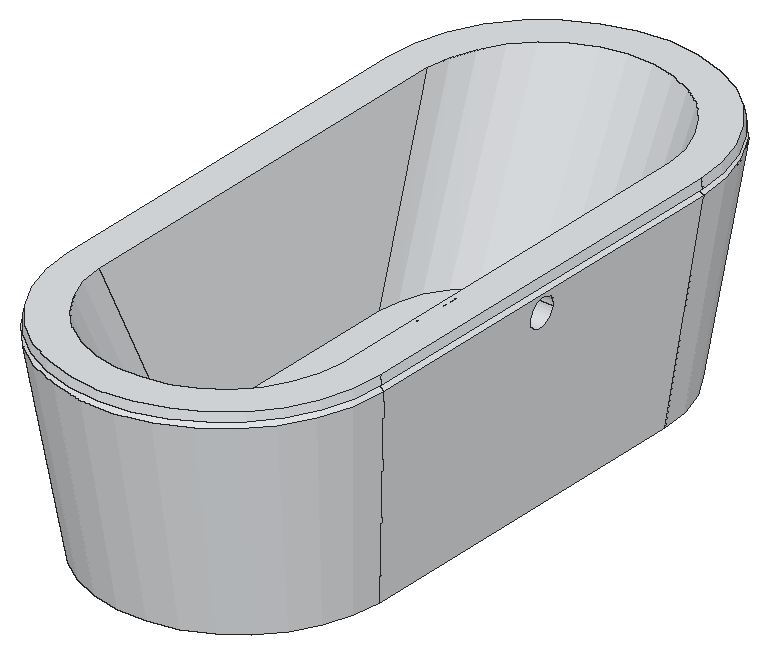
Revit family "Banheira básica", category Plumbing Fixtures, host Face, Revit 2016
Family settings
  Host = Face
  Part Type = Normal
  Round Connector Dimension = Use Radius
  OmniClass Number = 23.45.05.14.21
  OmniClass Title = Bathtubs
  Cut with Voids When Loaded = No
  Shared = No
  Room Calculation Point = No
Parameters (values of type "Banheira")
  Waste Connection Radius = Waste Connection NPT / 2  # 1 1/2"
  Waste Connection NPT = 3"
  Waste Connection = yes
  WFU = 0
  Vent Connection = yes
  URL = "http://www.totousa.com"
  Skirt Material = Plastic - TOTO - 01 Cotton
  Shipping Weight = 390.00 lbf
  Series = "Nexus"  # constant formula
  Product URL = "http://www.totousa.com/Default.aspx?TabId=75&ProductId=0f62a304-6f03-4786-b3a1-ed82694f167b&SearchId=2b23fb16-8c35-4b42-bd24-70517483f004&PTab=2&STab=0"
  Nominal Width = 75 cm  # constant formula
  Nominal Length = 170 cm  # constant formula
  Nominal Height = 53.66 cm  # constant formula
  Model = "FBF794S#01D"  # constant formula
  Manufacturer = "TOTO"  # constant formula
  HWFU = 0
  HW Connection = no
  Finish = Metal - TOTO - Enameled - 01 Cotton
  Description = "Cast Iron Bathtub"
  Default Elevation = 0 cm
  CWFU = 0
  CW Connection = no
  CADworks URL = "http://www.CADworks.net"
  Assembly Code = "D2010510"
Reference planes (cm)
  plane 1 "Center (Front/Back)": y = 0
  plane 2: z = 0
  plane 3 "Center (Left/Right)": x = 0
  plane 4: x = -37.5
  plane 5: x = 37.5
  plane 6: y = 85
  plane 7 "Wall Closure": y = -85
  plane 8: z = 53.66
  plane 9: z = 1.5
  plane 10: z = 51.66
  plane 11: z = 50.4
  plane 12: z = 11.16
  plane 13: z = 0.9
  plane 14: z = 10.66
  plane 15: z = 46.16
Forms (cm)
  Blend 1, solid, material "Metal - TOTO - Enameled - 01 Cotton" <- "Finish"
    base sketch origin (-126.8557, -457.2, 51.66) x (-1, 0, 0) y (0, -1, 0)
      loop
        arc (-89.3557, -409.7) -> (-126.8557, -372.2) -> (-164.3557, -409.7) r 37.5
        line (-164.3557, -409.7) -> (-164.3557, -504.7)
        arc (-164.3557, -504.7) -> (-126.8557, -542.2) -> (-89.3557, -504.7) r 37.5
        line (-89.3557, -504.7) -> (-89.3557, -409.7)
    top sketch origin (-126.8557, -457.2, 51.66) x (-1, 0, 0) y (0, -1, 0)
      loop
        arc (-163.9557, -504.7) -> (-126.8557, -541.8) -> (-89.7557, -504.7) r 37.1
        line (-89.7557, -504.7) -> (-89.7557, -409.7)
        arc (-89.7557, -409.7) -> (-126.8557, -372.6) -> (-163.9557, -409.7) r 37.1
        line (-163.9557, -409.7) -> (-163.9557, -504.7)
    from 0 to 2
  Blend 2, solid, material "Metal - TOTO - Enameled - 01 Cotton" <- "Finish"
    base sketch origin (-126.8557, -457.2, 50.4) x (-1, 0, 0) y (0, -1, 0)
      loop
        line (-89.0557, -504.7) -> (-89.0557, -409.7)
        arc (-89.0557, -409.7) -> (-126.8557, -371.9) -> (-164.6557, -409.7) r 37.8
        line (-164.6557, -409.7) -> (-164.6557, -504.7)
        arc (-164.6557, -504.7) -> (-126.8557, -542.5) -> (-89.0557, -504.7) r 37.8
    top sketch origin (-126.8557, -457.2, 50.4) x (-1, 0, 0) y (0, -1, 0)
      loop
        arc (-163.0657, -504.7) -> (-126.8557, -540.91) -> (-90.6457, -504.7) r 36.21
        line (-90.6457, -504.7) -> (-90.6457, -409.7)
        arc (-90.6457, -409.7) -> (-126.8557, -373.49) -> (-163.0657, -409.7) r 36.21
        line (-163.0657, -409.7) -> (-163.0657, -504.7)
    from 0 to 1.26
  Blend 3, solid, material "Metal - TOTO - Enameled - 01 Cotton" <- "Finish"
    base sketch origin (-126.8557, -457.2, 1.5) x (-1, 0, 0) y (0, -1, 0)
      loop
        line (-94.1557, -499.4) -> (-94.1557, -415)
        arc (-94.1557, -415) -> (-126.8557, -382.3) -> (-159.5557, -415) r 32.7
        line (-159.5557, -415) -> (-159.5557, -499.4)
        arc (-159.5557, -499.4) -> (-126.8557, -532.1) -> (-94.1557, -499.4) r 32.7
    top sketch origin (-126.8557, -457.2, 1.5) x (-1, 0, 0) y (0, -1, 0)
      loop
        line (-89.0557, -504.7) -> (-89.0557, -409.7)
        arc (-89.0557, -409.7) -> (-126.8557, -371.9) -> (-164.6557, -409.7) r 37.8
        line (-164.6557, -409.7) -> (-164.6557, -504.7)
        arc (-164.6557, -504.7) -> (-126.8557, -542.5) -> (-89.0557, -504.7) r 37.8
    from 0 to 48.9
  Blend 4, void
    base sketch origin (-126.8557, -457.2, 11.16) x (0, -1, 0) y (1, 0, 0)
      loop
        arc (-487.42, 101.3057) -> (-457.2, 100.8657) -> (-426.98, 101.3057) r 1038.0023
        arc (-426.98, 101.3057) -> (-402.1633, 126.8557) -> (-426.98, 152.4057) r 25.5608
        arc (-426.98, 152.4057) -> (-457.2, 152.8457) -> (-487.42, 152.4057) r 1038.0023
        arc (-487.42, 152.4057) -> (-512.2367, 126.8557) -> (-487.42, 101.3057) r 25.5608
    top sketch origin (-126.8557, -457.2, 11.16) x (0, -1, 0) y (1, 0, 0)
      loop
        arc (-505.75, 155.6757) -> (-533.2023, 126.8557) -> (-505.75, 98.0357) r 28.8541
        arc (-505.75, 98.0357) -> (-457.2, 96.8557) -> (-408.65, 98.0357) r 999.3622
        arc (-408.65, 98.0357) -> (-381.1977, 126.8557) -> (-408.65, 155.6757) r 28.8541
        arc (-408.65, 155.6757) -> (-457.2, 156.8557) -> (-505.75, 155.6757) r 999.3622
    from 0 to 42.5
  Blend 5, solid, material "Metal - TOTO - Enameled - 01 Cotton" <- "Finish"
    base sketch origin (-126.8557, -457.2, 0.9) x (-1, 0, 0) y (0, -1, 0)
      loop
        circle (-106.8557, -499.7) r 1.875
    top sketch origin (-126.8557, -457.2, 0.9) x (-1, 0, 0) y (0, -1, 0)
      loop
        circle (-106.8557, -499.7) r 2.5
    from 0 to 0.6
  Blend 6, solid, material "Metal - TOTO - Enameled - 01 Cotton" <- "Finish"
    base sketch origin (126.8557, -457.2, 0.9) x (1, 0, 0) y (0, 1, 0)
      loop
        circle (-106.8557, 499.7) r 1.875
    top sketch origin (126.8557, -457.2, 0.9) x (1, 0, 0) y (0, 1, 0)
      loop
        circle (-106.8557, 499.7) r 2.5
    from 0 to 0.6
  Blend 7, solid, material "Metal - TOTO - Enameled - 01 Cotton" <- "Finish"
    base sketch origin (-126.8557, 457.2, 0.9) x (-1, 0, 0) y (0, -1, 0)
      loop
        circle (-106.8557, 499.7) r 1.875
    top sketch origin (-126.8557, 457.2, 0.9) x (-1, 0, 0) y (0, -1, 0)
      loop
        circle (-106.8557, 499.7) r 2.5
    from 0 to 0.6
  Blend 8, solid, material "Metal - TOTO - Enameled - 01 Cotton" <- "Finish"
    base sketch origin (126.8557, 457.2, 0.9) x (1, 0, 0) y (0, 1, 0)
      loop
        circle (-106.8557, -499.7) r 1.875
    top sketch origin (126.8557, 457.2, 0.9) x (1, 0, 0) y (0, 1, 0)
      loop
        circle (-106.8557, -499.7) r 2.5
    from 0 to 0.6
  Extrusion 9, solid, material "Metal - TOTO - Enameled - 01 Cotton" <- "Finish"
    sketch origin (0, 0, 0) x (1, 0, 0) y (0, 1, 0)
      loop
        circle (-20, 42.5) r 1.875
      loop
        circle (20, 42.5) r 1.875
      loop
        circle (-20, -42.5) r 1.875
      loop
        circle (20, -42.5) r 1.875
    from 0 to 0.9
  Blend 10, void
    base sketch origin (-126.8557, -457.2, 11.16) x (0, -1, 0) y (1, 0, 0)
      loop
        arc (-487.16, 110.3135) -> (-457.2, 109.8518) -> (-427.24, 110.3135) r 972.2314
        arc (-427.24, 110.3135) -> (-411.2, 126.8557) -> (-427.24, 143.3978) r 16.55
        arc (-427.24, 143.3978) -> (-457.2, 143.8595) -> (-487.16, 143.3978) r 972.2314
        arc (-487.16, 143.3978) -> (-503.2, 126.8557) -> (-487.16, 110.3135) r 16.55
    top sketch origin (-126.8557, -457.2, 11.16) x (0, -1, 0) y (1, 0, 0)
      loop
        arc (-455.7506, 121.8529) -> (-450.7554, 126.8557) -> (-455.7506, 131.8584) r 5.0028
        arc (-455.7506, 131.8584) -> (-457.2, 131.8595) -> (-458.6494, 131.8584) r 960.2314
        arc (-458.6494, 131.8584) -> (-463.6446, 126.8557) -> (-458.6494, 121.8529) r 5.0028
        arc (-458.6494, 121.8529) -> (-457.2, 121.8518) -> (-455.7506, 121.8529) r 960.2314
    from 0 to -0.5
  Extrusion 11, void
    sketch origin (-126.8557, -457.2, 11.16) x (0, -1, 0) y (-1, 0, 0)
      loop
        circle (-457.2, -126.8557) r 3.81
    from 0 to 9.66
  Blend 12, void
    base sketch origin (-126.8557, -457.2, 11.16) x (0, -1, 0) y (1, 0, 0)
      loop
        circle (-457.2, 126.8557) r 8
    top sketch origin (-126.8557, -457.2, 11.16) x (0, -1, 0) y (1, 0, 0)
      loop
        circle (-457.2, 126.8557) r 3.81
    from 0 to -1.5
  Extrusion 13, void
    sketch origin (0, 0, 0) x (0, 1, 0) y (0, 0, 1)
      loop
        circle (0, 46.16) r 3.5
    from 0 to 40
Cuts and joins
  Blend 4, Blend 10, Extrusion 11, Blend 12, Extrusion 13 cuts Blend 1
  Blend 4, Blend 10, Extrusion 11, Blend 12, Extrusion 13 cuts Blend 2
  Blend 4, Blend 10, Extrusion 11, Blend 12, Extrusion 13 cuts Blend 3
  joined: Blend 1, Blend 2, Blend 3
Lines and regions (cm)
  Masking region 1
    outline origin (0, 0, 0) x (1, 0, 0) y (0, 1, 0)
      loop
        line (-37.5, 47.5) -> (-37.5, -47.5)
        arc (-37.5, -47.5) -> (0, -85) -> (37.5, -47.5) r 37.5
        line (37.5, -47.5) -> (37.5, 47.5)
        arc (37.5, 47.5) -> (0, 85) -> (-37.5, 47.5) r 37.5
  symbolic lines
    curve 1: arc (-28.82, -48.55, 53.66) -> (-30, 0, 53.66) -> (-28.82, 48.55, 53.66) r 999.3622
    curve 2: arc (-28.82, 48.55, 53.66) -> (0, 76.0023, 53.66) -> (28.82, 48.55, 53.66) r 28.8541
    curve 3: arc (28.82, 48.55, 53.66) -> (30, 0, 53.66) -> (28.82, -48.55, 53.66) r 999.3622
    curve 4: arc (28.82, -48.55, 53.66) -> (0, -76.0023, 53.66) -> (-28.82, -48.55, 53.66) r 28.8541
    curve 5: arc (-25.55, -30.22, 53.66) -> (0, -55.0367, 53.66) -> (25.55, -30.22, 53.66) r 25.5608
    curve 6: arc (25.55, -30.22, 53.66) -> (25.99, 0, 53.66) -> (25.55, 30.22, 53.66) r 1038.0023
    curve 7: arc (25.55, 30.22, 53.66) -> (0, 55.0367, 53.66) -> (-25.55, 30.22, 53.66) r 25.5608
    curve 8: arc (-25.55, 30.22, 53.66) -> (-25.99, 0, 53.66) -> (-25.55, -30.22, 53.66) r 1038.0023
    curve 9: circle (0, 0, 53.66) r 3.81 normal (0, 0, 1)
  symbolic lines, detail levels fine
    curve 10: arc (-16.5421, 29.96, 53.66) -> (0, 46, 53.66) -> (16.5421, 29.96, 53.66) r 16.55
    curve 11: arc (-16.5421, -29.96, 53.66) -> (-17.0039, 0, 53.66) -> (-16.5421, 29.96, 53.66) r 972.2314
    curve 12: arc (16.5421, 29.96, 53.66) -> (17.0039, 0, 53.66) -> (16.5421, -29.96, 53.66) r 972.2314
    curve 13: arc (16.5421, -29.96, 53.66) -> (0, -46, 53.66) -> (-16.5421, -29.96, 53.66) r 16.55
    curve 14: circle (0, 0, 53.66) r 8 normal (0, 0, 1)
Dimensions and locks (cm)
  "Nominal Width": plane 4 to plane 5
  equal spacing: plane 4, plane 3 "Center (Left/Right)", plane 5
  "Nominal Length": plane 6 to plane 7 "Wall Closure"
  equal spacing: plane 6, plane 1 "Center (Front/Back)", plane 7 "Wall Closure"
  "Nominal Height": plane 8 to plane 2
  locked: plane 8 to plane 9 at 52.16
  locked: plane 8 to plane 10 at 2
  locked: plane 10 to plane 11 at 1.26
  Blend 1 sketch curve to plane 1 "Center (Front/Back)" to Blend 1 sketch curve = 47.5 cm locked, 47.5 cm locked  (x4)
  Blend 1 sketch curve to plane 3 "Center (Left/Right)" to Blend 1 sketch curve = 37.5 cm locked, 37.5 cm locked
  Blend 1 sketch curve to plane 3 "Center (Left/Right)" to Blend 1 sketch curve = 37.1 cm locked, 37.1 cm locked
  Blend 2 sketch curve to plane 1 "Center (Front/Back)" to Blend 2 sketch curve = 47.5 cm locked, 47.5 cm locked  (x4)
  Blend 2 sketch curve to plane 3 "Center (Left/Right)" to Blend 2 sketch curve = 37.8 cm locked, 37.8 cm locked
  Blend 2 sketch curve to plane 3 "Center (Left/Right)" to Blend 2 sketch curve = 36.21 cm locked, 36.21 cm locked
  locked: plane 8 to plane 12 at 42.5
  Blend 3 sketch curve to plane 1 "Center (Front/Back)" to Blend 3 sketch curve = 42.2 cm locked, 42.2 cm locked  (x2)
  Blend 3 sketch curve to plane 3 "Center (Left/Right)" to Blend 3 sketch curve = 32.7 cm locked, 32.7 cm locked
  Blend 3 sketch curve to plane 1 "Center (Front/Back)" to Blend 3 sketch curve = 47.5 cm locked, 47.5 cm locked  (x2)
  Blend 3 sketch curve to plane 3 "Center (Left/Right)" to Blend 3 sketch curve = 37.8 cm locked, 37.8 cm locked
  locked: plane 9 to plane 13 at 0.6
  locked: plane 1 "Center (Front/Back)" to Blend 5 sketch curve at 42.5  (x2)
  locked: Blend 5 sketch curve to plane 3 "Center (Left/Right)" at 20  (x2)
  locked: plane 3 "Center (Left/Right)" to Blend 6 sketch curve at 20  (x2)
  locked: plane 1 "Center (Front/Back)" to Blend 6 sketch curve at 42.5  (x2)
  locked: Blend 7 sketch curve to plane 3 "Center (Left/Right)" at 20  (x2)
  locked: Blend 7 sketch curve to plane 1 "Center (Front/Back)" at 42.5  (x2)
  locked: plane 3 "Center (Left/Right)" to Blend 8 sketch curve at 20  (x2)
  locked: Blend 8 sketch curve to plane 1 "Center (Front/Back)" at 42.5  (x2)
  Extrusion 9 sketch curve to plane 1 "Center (Front/Back)" to Extrusion 9 sketch curve = 42.5 cm locked, 42.5 cm locked  (x2)
  Extrusion 9 sketch curve to plane 3 "Center (Left/Right)" to Extrusion 9 sketch curve = 20 cm locked, 20 cm locked  (x2)
  Blend 4 sketch curve to plane 1 "Center (Front/Back)" to Blend 4 sketch curve = 30.22 cm locked, 30.22 cm locked  (x2)
  Blend 4 sketch curve to plane 3 "Center (Left/Right)" to Blend 4 sketch curve = 25.55 cm locked, 25.55 cm locked  (x2)
  Blend 4 sketch curve to plane 1 "Center (Front/Back)" to Blend 4 sketch curve = 48.55 cm locked, 48.55 cm locked  (x2)
  Blend 4 sketch curve to plane 3 "Center (Left/Right)" to Blend 4 sketch curve = 28.82 cm locked, 28.82 cm locked  (x2)
  locked: plane 12 to plane 14 at 0.5
  locked: plane 8 to plane 15 at 7.5
  locked: Extrusion 11 sketch curve to plane 3 "Center (Left/Right)" at 0
  locked: Extrusion 11 sketch curve to plane 1 "Center (Front/Back)" at 0
  locked: plane 12 to cut or joined group of Blend 1, Blend 2, Blend 3, Blend 4, Blend 10, Extrusion 11, Blend 12, Extrusion 13 at 1.5
  locked: plane 14 to cut or joined group of Blend 1, Blend 2, Blend 3, Blend 4, Blend 10, Extrusion 11, Blend 12, Extrusion 13 at 1
  locked: Blend 12 sketch curve to plane 3 "Center (Left/Right)" at 0  (x2)
  locked: Blend 12 sketch curve to plane 1 "Center (Front/Back)" at 0  (x2)
  Blend 10 sketch curve to plane 1 "Center (Front/Back)" to Blend 10 sketch curve = 29.96 cm locked, 29.96 cm locked  (x2)
  Blend 10 sketch curve to plane 3 "Center (Left/Right)" to Blend 10 sketch curve = 16.5421 cm locked, 16.5421 cm locked  (x2)
  equal spacing: Blend 10 sketch curve, plane 1 "Center (Front/Back)", Blend 10 sketch curve
  Blend 10 sketch curve to plane 1 "Center (Front/Back)" to Blend 10 sketch curve = 1.4494 cm locked, 1.4494 cm locked
  Blend 10 sketch curve to plane 3 "Center (Left/Right)" to Blend 10 sketch curve = 5.0028 cm locked, 5.0028 cm locked  (x2)
  locked: Extrusion 13 sketch curve to plane 1 "Center (Front/Back)" at 0
  locked: Extrusion 13 sketch curve to plane 15
  locked: cut or joined group of Blend 1, Blend 2, Blend 3, Blend 4, Blend 10, Extrusion 11, Blend 12, Extrusion 13 to plane 3 "Center (Left/Right)" at 40
  locked: plane 5 to cut or joined group of Blend 1, Blend 2, Blend 3, Blend 4, Blend 10, Extrusion 11, Blend 12, Extrusion 13 at 2.5
  locked: plane 3 "Center (Left/Right)" to curve 14 at 0
  locked: plane 1 "Center (Front/Back)" to curve 14 at 0
  radius of Blend 1 sketch curve = 37.5 cm  (x2)
  radius of Blend 1 sketch curve = 37.1 cm  (x2)
  radius of Blend 2 sketch curve = 37.8 cm  (x2)
  radius of Blend 2 sketch curve = 36.21 cm  (x2)
  radius of Blend 3 sketch curve = 32.7 cm  (x2)
  radius of Blend 3 sketch curve = 37.8 cm  (x2)
  radius of Blend 5 sketch curve = 1.875 cm
  radius of Blend 5 sketch curve = 2.5 cm
  radius of Blend 6 sketch curve = 1.875 cm
  radius of Blend 6 sketch curve = 2.5 cm
  radius of Blend 7 sketch curve = 1.875 cm
  radius of Blend 7 sketch curve = 2.5 cm
  radius of Blend 8 sketch curve = 1.875 cm
  radius of Blend 8 sketch curve = 2.5 cm
  radius of Extrusion 9 sketch curve = 1.875 cm  (x4)
  radius of Blend 4 sketch curve = 25.5608 cm  (x2)
  radius of Blend 4 sketch curve = 1038.0023 cm  (x2)
  radius of Blend 4 sketch curve = 28.8541 cm  (x2)
  radius of Blend 4 sketch curve = 999.3622 cm  (x2)
  "Waste Connection Radius": radius of Extrusion 11 sketch curve
  radius of Blend 12 sketch curve = 8 cm
  "Waste Connection Radius": radius of Blend 12 sketch curve
  radius of Blend 10 sketch curve = 16.55 cm  (x2)
  radius of Blend 10 sketch curve = 972.2314 cm  (x2)
  radius of Blend 10 sketch curve = 5.0028 cm  (x2)
  radius of Blend 10 sketch curve = 960.2314 cm  (x2)
  radius of Extrusion 13 sketch curve = 3.5 cm
  radius of curve 14 = 8 cm
  aligned and locked: plane 2 to host face
  aligned and locked: level to host face
  aligned and locked: plane 8 to Blend 1
  aligned and locked: Blend 1 to plane 10
  aligned and locked: plane 10 to Blend 2
  aligned and locked: Blend 2 to plane 11
  aligned and locked: plane 11 to Blend 3
  aligned and locked: Blend 3 to plane 9
  aligned and locked: plane 8 to Blend 4
  aligned and locked: cut or joined group of Blend 1, Blend 2, Blend 3, Blend 4, Blend 10, Extrusion 11, Blend 12, Extrusion 13 to plane 12
  aligned and locked: plane 9 to Blend 5
  aligned and locked: Blend 5 to plane 13
  aligned and locked: plane 9 to Blend 6
  aligned and locked: Blend 6 to plane 13
  aligned and locked: plane 9 to Blend 7
  aligned and locked: Blend 7 to plane 13
  aligned and locked: plane 9 to Blend 8
  aligned and locked: Blend 8 to plane 13
  aligned and locked: plane 13 to Extrusion 9
  aligned and locked: Extrusion 9 to plane 2
  aligned and locked: plane 12 to cut or joined group of Blend 1, Blend 2, Blend 3, Blend 4, Blend 10, Extrusion 11, Blend 12, Extrusion 13  (x3)
  aligned and locked: cut or joined group of Blend 1, Blend 2, Blend 3, Blend 4, Blend 10, Extrusion 11, Blend 12, Extrusion 13 to plane 14
  aligned: plane 12 to cut or joined group of Blend 1, Blend 2, Blend 3, Blend 4, Blend 10, Extrusion 11, Blend 12, Extrusion 13
  aligned: Extrusion 11 to plane 9
  aligned and locked: cut or joined group of Blend 1, Blend 2, Blend 3, Blend 4, Blend 10, Extrusion 11, Blend 12, Extrusion 13 to plane 9
  aligned and locked: cut or joined group of Blend 1, Blend 2, Blend 3, Blend 4, Blend 10, Extrusion 11, Blend 12, Extrusion 13 to plane 3 "Center (Left/Right)"
  aligned and locked: Masking region 1 sketch curve to cut or joined group of Blend 1, Blend 2, Blend 3, Blend 4, Blend 10, Extrusion 11, Blend 12, Extrusion 13  (x2)
  aligned and locked: curve 1 to cut or joined group of Blend 1, Blend 2, Blend 3, Blend 4, Blend 10, Extrusion 11, Blend 12, Extrusion 13
  aligned and locked: curve 2 to cut or joined group of Blend 1, Blend 2, Blend 3, Blend 4, Blend 10, Extrusion 11, Blend 12, Extrusion 13
  aligned and locked: curve 3 to cut or joined group of Blend 1, Blend 2, Blend 3, Blend 4, Blend 10, Extrusion 11, Blend 12, Extrusion 13
  aligned and locked: curve 4 to cut or joined group of Blend 1, Blend 2, Blend 3, Blend 4, Blend 10, Extrusion 11, Blend 12, Extrusion 13
  aligned and locked: curve 5 to cut or joined group of Blend 1, Blend 2, Blend 3, Blend 4, Blend 10, Extrusion 11, Blend 12, Extrusion 13
  aligned and locked: curve 6 to cut or joined group of Blend 1, Blend 2, Blend 3, Blend 4, Blend 10, Extrusion 11, Blend 12, Extrusion 13
  aligned and locked: curve 7 to cut or joined group of Blend 1, Blend 2, Blend 3, Blend 4, Blend 10, Extrusion 11, Blend 12, Extrusion 13
  aligned and locked: curve 8 to cut or joined group of Blend 1, Blend 2, Blend 3, Blend 4, Blend 10, Extrusion 11, Blend 12, Extrusion 13
  aligned and locked: curve 10 to cut or joined group of Blend 1, Blend 2, Blend 3, Blend 4, Blend 10, Extrusion 11, Blend 12, Extrusion 13
  aligned and locked: curve 11 to cut or joined group of Blend 1, Blend 2, Blend 3, Blend 4, Blend 10, Extrusion 11, Blend 12, Extrusion 13
  aligned and locked: curve 12 to cut or joined group of Blend 1, Blend 2, Blend 3, Blend 4, Blend 10, Extrusion 11, Blend 12, Extrusion 13
  aligned and locked: curve 13 to cut or joined group of Blend 1, Blend 2, Blend 3, Blend 4, Blend 10, Extrusion 11, Blend 12, Extrusion 13
  aligned and locked: curve 9 to cut or joined group of Blend 1, Blend 2, Blend 3, Blend 4, Blend 10, Extrusion 11, Blend 12, Extrusion 13
Automatic sketch dimensions
  host sketch curve to host sketch curve = 243.84 cm  (x2)
  Blend 10 sketch curve to Blend 10 sketch curve = 0 cm  (x2)
Connectors (cm)
  piping at (0, 0, 1.5), diameter 7.62, driven by "WFU", driven by "Waste Connection", driven by "Waste Connection Radius"
    settings: on cut or joined group of Blend 1, Blend 2, Blend 3, Blend 4, Blend 10, Extrusion 11, Blend 12, Extrusion 13, index 1, connector inside diameter 3", connector length 0 cm, flow factor 0, pipe flow 0 GPM, pressure drop 0.00 psi, fitting loss kfactor 0, connector angle 0.00°, fixture units 0, engagement length 0 cm, angle of deflection 0.00°, flow configuration 3, flow direction 2, fitting loss method 0, system type 16, joint type 0, gender type 0, connector reference index -1, connector utility 0, adjustable connector yes, is connector primary yes, connector description "Waste Outlet Connection"
